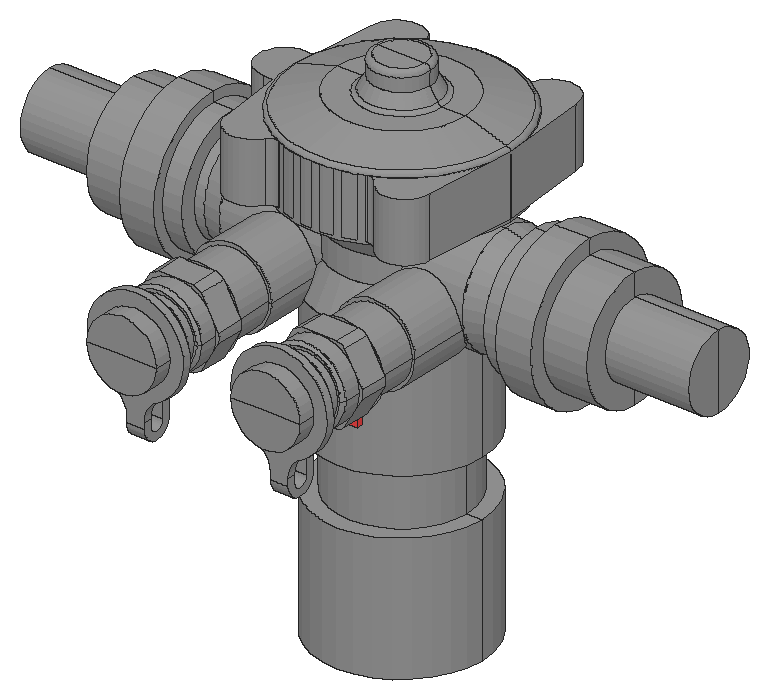
Revit family "Kombiventil 4006_M_SMART_LF_MF", category Rohrzubehör, Revit 2018
Family settings
  Bemaßung runder Anschluss = Durchmesser verwenden
  Teiletyp = Unterbricht
  OmniClass-Nummer = 23.65.55.14
  OmniClass-Titel = Valves for Liquid Services
  Arbeitsebenenbasiert = Nein
  Immer vertikal = Ja
  Beim Laden mit Abzugskörper schneiden = Nein
  Gemeinsam genutzt = Nein
Parameters (values of type "MF")
  min.Betriebstemperatur (reines Wasser) = 2 °C  # constant formula
  min.Betriebstemperatur (Frostschutz) = -20 °C  # constant formula
  max.Betriebstemperatur ab DN40 = 110 °C  # constant formula
  max.Betriebstemperatur bis DN32 = 130 °C  # constant formula
  max.Betriebsdruck = 1600000.0 Pa  # constant formula
  VRL01 = 30.000 mm  # constant formula
  V12 = 17.000 mm  # constant formula
  V10 = 7.000 mm  # constant formula
  V09 [instance] = L06 + 4.000 mm  # 11.000 mm
  V04 [instance] = V08 + 3.000 mm  # 13.000 mm
  V03 [instance] = V08 + 5.000 mm  # 15.000 mm
  V02 [instance] = V01 + 4.500 mm  # 12.000 mm
  V01 [instance] = Nennweite / 2  # 7.500 mm
  URL = "www.herz-armaturen.at"
  Stift = "Edelstahl 14301"  # constant formula
  SCRNSEQ = "ARM;ARM_TYP=\"DURR\";2"
  SCRNCODE = "05;04;02"  # constant formula
  S09 = 10.000 mm  # constant formula
  S08 = 30.000 mm  # constant formula
  S07 [instance] = H03 + 3.700 mm  # 10.051 mm
  S04 [instance] = V03 * 2  # 30.000 mm
  S01 [instance] = L01 + L02 + VRL01 * 2  # 135.000 mm
  R17 [instance] = size_lookup("4006M_S_LF_MF", "R17", 12.500 mm, Nennweite)  # 12.500 mm
  R16 [instance] = size_lookup("4006M_S_LF_MF", "R16", 16.500 mm, Nennweite)  # 16.500 mm
  R15 = 7.225 mm  # constant formula
  R14 = 8.070 mm  # constant formula
  R13 = 3.496 mm  # constant formula
  R12 = 6.800 mm  # constant formula
  R11 = 9.620 mm  # constant formula
  R10 = 6.800 mm  # constant formula
  R09 = 16.292 mm  # constant formula
  R08 = 13.212 mm  # constant formula
  R07 = 18.816 mm  # constant formula
  R06 = 22.000 mm  # constant formula
  R05 = 12.954 mm  # constant formula
  R04 = 7.193 mm  # constant formula
  R03 = 5.755 mm  # constant formula
  R02 = 4.670 mm  # constant formula
  R01 [instance] = size_lookup("4006M_S_LF_MF", "R01", 11.000 mm, Nennweite)  # 11.000 mm
  PN = 16  # constant formula
  O-Ringe = "EPDM"  # constant formula
  V08 [instance] = size_lookup("4006M_S_LF_MF", "N2", 10.000 mm, Nennweite)  # 10.000 mm
  Nennweite/2 [instance] = size_lookup("4006M_S_LF_MF", "N1", 8.000 mm, Nennweite)  # 9.000 mm
  Nennweite [instance] = 15.000 mm
  Membrangehäuse = "Messing CW602N"  # constant formula
  Membrane = "EPDM"  # constant formula
  Medium = "Wasserbeschaffenheit nach ÖNORM H 5195 und VDI 2035.\r\nDie Verwendung von Ethylen- und Propylenglykol ist im Mischungsverhältnis 25 - 50 Vol.- [%] zulässig."
  MF [instance] = yes
  LF [instance] = no
  L15 [instance] = size_lookup("4006M_S_LF_MF", "L15", 3.300 mm, Nennweite)  # 3.300 mm
  L14 [instance] = size_lookup("4006M_S_LF_MF", "L14", 43.477 mm, Nennweite)  # 43.477 mm
  L13 [instance] = size_lookup("4006M_S_LF_MF", "L13", 32.232 mm, Nennweite)  # 32.232 mm
  L12 [instance] = size_lookup("4006M_S_LF_MF", "L12", 6.497 mm, Nennweite)  # 6.497 mm
  L11 [instance] = size_lookup("4006M_S_LF_MF", "L11", 5.418 mm, Nennweite)  # 5.418 mm
  L10 [instance] = size_lookup("4006M_S_LF_MF", "L10", 12.434 mm, Nennweite)  # 12.434 mm
  L09 [instance] = size_lookup("4006M_S_LF_MF", "L09", 24.943 mm, Nennweite)  # 24.943 mm
  L08 [instance] = size_lookup("4006M_S_LF_MF", "L08", 28.260 mm, Nennweite)  # 28.260 mm
  L07 [instance] = size_lookup("4006M_S_LF_MF", "L07", 33.915 mm, Nennweite)  # 33.915 mm
  L06 = 7.000 mm  # constant formula
  L05 = 9.000 mm  # constant formula
  L04 = 21.000 mm  # constant formula
  L03 = 28.000 mm  # constant formula
  L02 = 34.000 mm  # constant formula
  L01 = 41.000 mm  # constant formula
  Impulsleitung = "Kupfer Cu-DHP (CW024A)"  # constant formula
  Hub = 4.000 mm  # constant formula
  Hersteller = "Herz-Armaturen GmbH"  # constant formula
  H04 = 12.000 mm  # constant formula
  H03 = 6.351 mm  # constant formula
  H02 [instance] = size_lookup("4006M_S_LF_MF", "H2", 69.000 mm, Nennweite)  # 69.000 mm
  H01 [instance] = size_lookup("4006M_S_LF_MF", "H1", 35.000 mm, Nennweite)  # 35.000 mm
  H [instance] = 112.553 mm  # constant formula
  Gehäuse = "DZR Messing CC770S"  # constant formula
  E20 = 108.221 mm  # constant formula
  E19 = 5.000 mm  # constant formula
  E18 = 5.150 mm  # constant formula
  E17 = 28.850 mm  # constant formula
  E16 = 23.700 mm  # constant formula
  E15 = 21.877 mm  # constant formula
  E14 = 20.506 mm  # constant formula
  E13 = 11.063 mm  # constant formula
  E12 = 9.001 mm  # constant formula
  E11 = 10.700 mm  # constant formula
  E10 = 20.427 mm  # constant formula
  E09 = 20.075 mm  # constant formula
  E08 = 20.825 mm  # constant formula
  E07 = 5.150 mm  # constant formula
  E06 = 17.921 mm  # constant formula
  E05 = 20.519 mm  # constant formula
  E04 = 19.704 mm  # constant formula
  E03 = 18.385 mm  # constant formula
  E02 = 20.014 mm  # constant formula
  E01 = 23.000 mm  # constant formula
  Druckfeder = "Federstahl"  # constant formula
  Bestellnummer Verschraubung [instance] = if(and(LF, Nennweite = 15.000 mm), 1621011, if(and(MF, Nennweite = 15.000 mm), 1621002, 0))  # 1621002
  Bestellnummer [instance] = if(and(LF, Nennweite = 15.000 mm), 1400620, if(and(MF, Nennweite = 15.000 mm), 1400629, 0))  # 1400629
  Bauschutzkappe = "Kunststoff"  # constant formula
  B09 = 7.998 mm  # constant formula
  B08 = 23.556 mm  # constant formula
  B07 = 30.908 mm  # constant formula
  B06 = 39.471 mm  # constant formula
  B05 = 40.933 mm  # constant formula
  B04 = 41.901 mm  # constant formula
  B03 = 44.372 mm  # constant formula
  B02 = 45.400 mm  # constant formula
  B01 = 50.000 mm  # constant formula
  Anwendungsgebiet = "Das Kombiventil wird in allen pumpenbetriebenen Heiz- und Kühlanlagen eingesetzt. Der Regler begrenzt automatisch\r\nden Volumenstrom im gewählten Anlagenteil auf den einmal eingestellten Wert, indem alle Druckschwankungen\r\ngemessen und ausgeregelt werden. Somit sind keine Messungen erforderlich und die Regelung ist bei allen\r\nBetriebsbedingungen effektiv. Das Kombiventil regelt den Volumenstrom der ventileigenen Voreinstellung auf einen\r\nkonstanten Wert; die Membran regelt aufgrund des Druckes unmittelbar nach dem Regeleinsatz, sowie des Druckes\r\ndavor."
Types (3, lengths in mm): name | MF | LF | Bestellnummer Verschraubung | Bestellnummer
  (no name) | yes | no | 1621002 | 1400629
  LF | no | yes | 1621011 | 1400620
  MF | yes | no | 1621002 | 1400629
Reference planes
  plane 1 "Mitte (Vorne/hinten)": y = 0
  plane 2: z = 0
  plane 3 "Mitte (Links/rechts)": x = 0
Forms (mm)
  Revolve 1, solid, material "Messing, weicher Gelbton, geschweißt", detail levels fine
    sketch origin (0, 0, 0) x (1, 0, 0) y (0, 0, 1)
      loop
        line (-41, 9) -> (-34, 9) -> (-34, 0) -> (27, 0) -> (27, 9) -> (34, 9) -> (34, 10) -> (25, 10) -> (21, 11) -> (-28, 11) -> (-32, 10) -> (-41, 10) -> (-41, 9)
      axis (-41, 0) -> (34, 0)
    angle from 0 to 360
  Revolve 2, solid, material "Messing, weicher Gelbton, geschweißt", detail levels fine
    sketch origin (0, 0, 0) x (1, 0, 0) y (0, 0, 1)
      loop
        line (0, -69) -> (16.292, -69) -> (16.292, -43.477) -> (13.212, -43.477) -> (13.212, -32.232) -> (16.292, -32.232) -> (16.292, -6.497) -> (13.212, 0.106) -> (13.212, 5.418) -> (18.816, 12.434) -> (22, 12.434) -> (22, 24.943)
        arc (22, 24.943) -> (21.752, 25.523) -> (21.223, 25.866) r 1.085
        line (21.223, 25.866) -> (12.954, 28.26) -> (8.134, 28.26)
        arc (8.134, 28.26) -> (7.591, 28.406) -> (7.193, 28.803) r 1.086
        line (7.193, 28.803) -> (5.755, 31.294) -> (5.755, 33.915)
        arc (5.755, 33.915) -> (5.437, 34.682) -> (4.67, 35) r 1.085
        line (4.67, 35) -> (0, 35) -> (0, -69)
      axis (0, 35) -> (0, -69)
    angle from 0 to 360
  Extrusion 3, solid, material "Messing, weicher Gelbton, geschweißt", detail levels fine
    sketch origin (0, 0, 28.917) x (1, 0, 0) y (0, 1, 0)
      loop
        arc (-20.506, 17.921) -> (-21.381, 11.556) -> (-21.877, 5.15) r 108.259
        line (-21.877, 5.15) -> (-23.7, 5.15)
        arc (-23.7, 5.15) -> (-27.342, 3.642) -> (-28.85, 0) r 5.15
        arc (-28.85, 0) -> (-27.342, -3.642) -> (-23.7, -5.15) r 5.15
        line (-23.7, -5.15) -> (-21.877, -5.15)
        arc (-21.877, -5.15) -> (-21.356, -11.79) -> (-20.427, -18.385) r 108.259
        arc (-20.427, -18.385) -> (-16.688, -23.223) -> (-11.063, -20.825) r 5
        arc (-11.063, -20.825) -> (-10.143, -20.146) -> (-9.001, -20.075) r 2.019
        arc (-9.001, -20.075) -> (0, -22.001) -> (9.001, -20.075) r 22.001
        arc (9.001, -20.075) -> (10.143, -20.145) -> (11.063, -20.825) r 2.019
        arc (11.063, -20.825) -> (16.688, -23.223) -> (20.427, -18.385) r 5
        arc (20.427, -18.385) -> (22, 0) -> (20.427, 18.385) r 108.221
        arc (20.427, 18.385) -> (16.253, 23.316) -> (10.7, 20.014) r 5
        arc (10.7, 20.014) -> (9.88, 19.699) -> (9.001, 19.704) r 2.379
        arc (9.001, 19.704) -> (0, 21.663) -> (-9.001, 19.704) r 21.663
        arc (-9.001, 19.704) -> (-10.161, 19.785) -> (-11.063, 20.519) r 1.927
        arc (-11.063, 20.519) -> (-16.774, 22.818) -> (-20.506, 17.921) r 5.079
    from -15.973 to -3.973
  Revolve 4, solid, material "Messing, weicher Gelbton, geschweißt", detail levels fine
    sketch origin (0, 0, -3.3) x (1, 0, 0) y (0, 1, 0)
      loop
        line (-24.57, -7.998) -> (-24.57, -22.322) -> (-16.5, -22.322) -> (-16.5, -7.998) -> (-24.57, -7.998)
      axis (-16.5, -7.998) -> (-16.5, -22.322)
    angle from 0 to 360
  Revolve 5, solid, material "Messing, weicher Gelbton, geschweißt", detail levels fine
    sketch origin (-4, 0, -3.3) x (-1, 0, 0) y (0, -1, 0)
      loop
        line (-24.57, 7.998) -> (-16.5, 7.998) -> (-16.5, 22.322) -> (-24.57, 22.322) -> (-24.57, 7.998)
      axis (-16.5, 22.322) -> (-16.5, 7.998)
    angle from 0 to 360
  Revolve 6, solid, material "Messing, weicher Gelbton, geschweißt"
    sketch origin (0, 0, 0) x (1, 0, 0) y (0, 0, 1)
      loop
        line (34, 0) -> (64, 0) -> (64, 7.5) -> (47, 7.5) -> (47, 12) -> (38, 12) -> (38, 15) -> (31, 15) -> (31, 13) -> (27, 13) -> (27, 10) -> (34, 10) -> (34, 0)
      axis (27, 0) -> (64, 0)
    angle from 0 to 360
  Revolve 7, solid, material "Messing, weicher Gelbton, geschweißt", detail levels fine
    sketch origin (-7, 0, 0) x (-1, 0, 0) y (0, 0, -1)
      loop
        line (34, 0) -> (34, -10) -> (27, -10) -> (27, -13) -> (31, -13) -> (31, -15) -> (38, -15) -> (38, -12) -> (47, -12) -> (47, -7.5) -> (64, -7.5) -> (64, 0) -> (34, 0)
      axis (27, 0) -> (64, 0)
    angle from 0 to 360
Lines and regions (mm)
  model lines, detail levels coarse+medium
    curve 1: line (67.5, -15, 0) -> (67.5, 15, 0)
    curve 2: line (67.5, 15, 0) -> (-67.5, -15, 0)
    curve 3: line (-67.5, -15, 0) -> (-67.5, 15, 0)
    curve 4: line (-67.5, 15, 0) -> (67.5, -15, 0)
    curve 5: line (-67.5, 14.673, 0) -> (0, -12.434, 0)
    curve 6: line (0, -12.434, 0) -> (67.5, 14.673, 0)
    curve 7: line (0, -12.434, 0) -> (0, -24.949, 0)
    curve 8: spline (-22, -29.974, 0) -> (-21.25, -28.674, 0) -> (-19.053, -27.462, 0) -> (-15.556, -26.421, 0) -> (-11, -25.622, 0) -> (-5.694, -25.12, 0) -> (0, -24.949, 0) -> (5.694, -25.12, 0) -> (11, -25.622, 0) -> (15.556, -26.421, 0) -> (19.053, -27.462, 0) -> (21.25, -28.674, 0) -> (22, -29.975, 0) -> (21.25, -31.275, 0) -> (19.053, -32.487, 0) -> (15.556, -33.528, 0) -> (11, -34.327, 0) -> (5.694, -34.829, 0) -> (0, -35, 0) -> (-5.694, -34.829, 0) -> (-11, -34.327, 0) -> (-15.556, -33.528, 0) -> (-19.053, -32.487, 0) -> (-21.25, -31.275, 0) -> (-22, -29.974, 0)
    curve 9: line (-67.5, 0, 15) -> (-67.5, 0, -15)
    curve 10: line (-67.5, 0, -15) -> (67.5, 0, 15)
    curve 11: line (67.5, 0, 15) -> (67.5, 0, -15)
    curve 12: line (67.5, 0, -15) -> (-67.5, 0, 15)
    curve 13: line (67.638, 0, -15.031) -> (0, 0, 12.434)
    curve 14: line (0, 0, 12.434) -> (-67.5, 0, -15)
    curve 15: line (0, 0, 12.434) -> (0, 0, 24.949)
    curve 16: spline (-22, 0, 29.975) -> (-21.25, 0, 31.275) -> (-19.053, 0, 32.487) -> (-15.556, 0, 33.528) -> (-11, 0, 34.327) -> (-5.694, 0, 34.829) -> (0, 0, 35) -> (5.694, 0, 34.829) -> (11, 0, 34.327) -> (15.556, 0, 33.528) -> (19.053, 0, 32.487) -> (21.25, 0, 31.275) -> (22, 0, 29.974) -> (21.25, 0, 28.674) -> (19.053, 0, 27.462) -> (15.556, 0, 26.421) -> (11, 0, 25.622) -> (5.694, 0, 25.12) -> (0, 0, 24.949) -> (-5.694, 0, 25.12) -> (-11, 0, 25.622) -> (-15.556, 0, 26.421) -> (-19.053, 0, 27.462) -> (-21.25, 0, 28.674) -> (-22, 0, 29.975)
  model lines
    curve 17: line (-67.5, 0, 15) -> (-77.5, 0, 15)
    curve 18: line (-77.5, 0, 15) -> (-67.5, 0, 0)
    curve 19: line (-67.5, 0, -15) -> (-77.5, 0, -15)
    curve 20: line (-77.5, 0, -15) -> (-67.5, 0, 0)
    curve 21: line (-67.5, 0, 0) -> (-97.5, 0, 0)
    curve 22: line (67.5, 0, 15) -> (77.5, 0, 15)
    curve 23: line (77.5, 0, 15) -> (67.5, 0, 0)
    curve 24: line (67.5, 0, -15) -> (77.5, 0, -15)
    curve 25: line (77.5, 0, -15) -> (67.5, 0, 0)
    curve 26: line (67.5, 0, 0) -> (97.5, 0, 0)
Dimensions and locks
  "H02": level to Revolve 2 sketch curve
  "L01": plane 3 "Mitte (Links/rechts)" to Revolve 1 sketch curve
  "V08": Revolve 1 sketch curve to Revolve 1 sketch curve  (x2)
  "Nennweite/2": Revolve 1 sketch curve to Revolve 1 sketch curve  (x2)
  "E01": plane 1 "Mitte (Vorne/hinten)" to Extrusion 3 sketch curve
  "L03": plane 3 "Mitte (Links/rechts)" to Revolve 1 sketch curve
  "L04": Revolve 1 sketch curve to plane 3 "Mitte (Links/rechts)"
  "L05": Revolve 1 sketch curve to Revolve 1 sketch curve  (x2)
  "L06": Revolve 1 sketch curve to Revolve 1 sketch curve  (x2)
  "L02": Revolve 1 sketch curve to plane 3 "Mitte (Links/rechts)"
  "H01": Revolve 2 sketch curve to level
  "R02": Revolve 2 sketch curve to Revolve 2 sketch curve
  "R03": Revolve 2 sketch curve to Revolve 2 sketch curve
  "R04": Revolve 2 sketch curve to Revolve 2 sketch curve
  "R05": Revolve 2 sketch curve to Revolve 2 sketch curve
  "R06": Revolve 2 sketch curve to Revolve 2 sketch curve
  "R07": Revolve 2 sketch curve to Revolve 2 sketch curve
  "R08": Revolve 2 sketch curve to Revolve 2 sketch curve  (x2)
  "R09": Revolve 2 sketch curve to Revolve 2 sketch curve  (x2)
  "L07": Revolve 2 sketch curve to plane 2
  "L08": Revolve 2 sketch curve to plane 2
  "L09": Revolve 2 sketch curve to plane 2
  "L10": Revolve 2 sketch curve to plane 2
  "L11": Revolve 2 sketch curve to plane 2
  "L12": plane 2 to Revolve 2 sketch curve
  "L13": plane 2 to Revolve 2 sketch curve
  "L14": plane 2 to Revolve 2 sketch curve
  "B09": Revolve 4 sketch curve to plane 1 "Mitte (Vorne/hinten)"
  "R14": Revolve 4 sketch curve to Revolve 4 sketch curve
  "R14": Revolve 5 sketch curve to Revolve 5 sketch curve
  "B09": plane 1 "Mitte (Vorne/hinten)" to Revolve 5 sketch curve
  "R17": plane 3 "Mitte (Links/rechts)" to Revolve 5 sketch curve
  "E02": plane 1 "Mitte (Vorne/hinten)" to Extrusion 3 sketch curve
  "E03": plane 1 "Mitte (Vorne/hinten)" to Extrusion 3 sketch curve
  "E04": plane 1 "Mitte (Vorne/hinten)" to Extrusion 3 sketch curve  (x2)
  "E05": plane 1 "Mitte (Vorne/hinten)" to Extrusion 3 sketch curve
  "E06": plane 1 "Mitte (Vorne/hinten)" to Extrusion 3 sketch curve
  "E07": plane 1 "Mitte (Vorne/hinten)" to Extrusion 3 sketch curve  (x2)
  "E03": Extrusion 3 sketch curve to plane 1 "Mitte (Vorne/hinten)"  (x2)
  "E08": Extrusion 3 sketch curve to plane 1 "Mitte (Vorne/hinten)"  (x2)
  "E09": Extrusion 3 sketch curve to plane 1 "Mitte (Vorne/hinten)"  (x2)
  "E07": Extrusion 3 sketch curve to plane 1 "Mitte (Vorne/hinten)"
  "E10": plane 3 "Mitte (Links/rechts)" to Extrusion 3 sketch curve  (x2)
  "E11": plane 3 "Mitte (Links/rechts)" to Extrusion 3 sketch curve
  "E12": plane 3 "Mitte (Links/rechts)" to Extrusion 3 sketch curve  (x2)
  "E12": Extrusion 3 sketch curve to plane 3 "Mitte (Links/rechts)"  (x2)
  "E13": Extrusion 3 sketch curve to plane 3 "Mitte (Links/rechts)"  (x2)
  "E14": Extrusion 3 sketch curve to plane 3 "Mitte (Links/rechts)"
  "E15": Extrusion 3 sketch curve to plane 3 "Mitte (Links/rechts)"  (x2)
  "E16": Extrusion 3 sketch curve to plane 3 "Mitte (Links/rechts)"  (x2)
  "E17": Extrusion 3 sketch curve to plane 3 "Mitte (Links/rechts)"
  "E10": Extrusion 3 sketch curve to plane 3 "Mitte (Links/rechts)"
  "E13": plane 3 "Mitte (Links/rechts)" to Extrusion 3 sketch curve
  "H03": Revolve 2 to Extrusion 3
  "H04": Extrusion 3 to Extrusion 3
  "R01": Revolve 1 sketch curve to Revolve 1 sketch curve
  "L06": Revolve 6 sketch curve to Revolve 6 sketch curve
  "V09": Revolve 6 sketch curve to Revolve 6 sketch curve
  "V10": Revolve 6 sketch curve to Revolve 6 sketch curve
  "V12": Revolve 6 sketch curve to Revolve 6 sketch curve
  "V01": Revolve 6 sketch curve to plane 2
  "V02": Revolve 6 sketch curve to plane 2
  "V08": Revolve 6 sketch curve to plane 2
  "V04": Revolve 6 sketch curve to plane 2
  "V03": Revolve 6 sketch curve to plane 2
  "L02": Revolve 6 sketch curve to plane 3 "Mitte (Links/rechts)"
  "L06": Revolve 7 sketch curve to Revolve 7 sketch curve
  "V09": Revolve 7 sketch curve to Revolve 7 sketch curve
  "V10": Revolve 7 sketch curve to Revolve 7 sketch curve
  "V12": Revolve 7 sketch curve to Revolve 7 sketch curve
  "V01": Revolve 7 sketch curve to plane 2
  "V02": Revolve 7 sketch curve to plane 2
  "V03": Revolve 7 sketch curve to plane 2
  "V04": Revolve 7 sketch curve to plane 2
  "V08": Revolve 7 sketch curve to plane 2
  "L01": plane 3 "Mitte (Links/rechts)" to Revolve 7 sketch curve
  "S04": curve 3 to curve 4
  "S04": curve 4 to curve 2
  "S01": curve 3 to curve 1
  equal spacing: curve 3, plane 3 "Mitte (Links/rechts)", curve 1
  equal spacing: curve 3, plane 1 "Mitte (Vorne/hinten)", curve 4
  equal spacing: curve 4, plane 1 "Mitte (Vorne/hinten)", curve 2
  "R06": curve 8 to plane 3 "Mitte (Links/rechts)" to curve 8
  "S07": curve 8 to curve 8
  "H01": curve 8 to plane 1 "Mitte (Vorne/hinten)"
  "L10": curve 7 to plane 1 "Mitte (Vorne/hinten)"
  "S01": curve 9 to curve 11
  "R06": curve 16 to plane 3 "Mitte (Links/rechts)" to curve 16
  "S07": curve 16 to curve 16
  "H01": curve 16 to plane 2
  "L10": curve 15 to plane 2
  equal spacing: curve 9, plane 3 "Mitte (Links/rechts)", curve 11
  "S04": curve 12 to curve 10
  "S04": curve 11 to curve 12
  equal spacing: curve 12, plane 2, curve 14
  equal spacing: curve 11, plane 2, curve 12
  "VRL01": Revolve 7 sketch curve to Revolve 7 sketch curve
  "VRL01": Revolve 6 sketch curve to Revolve 6 sketch curve
  "S09": curve 18 to curve 9
  "S08": curve 21 to curve 9
  "S09": curve 20 to curve 9
  "S09": curve 11 to curve 23
  "S09": curve 11 to curve 25
  "V03": curve 17 to plane 2
  "V03": plane 2 to curve 19
  "S08": curve 11 to curve 26
  "V03": curve 22 to plane 2
  "V03": plane 2 to curve 24
  "R16": Revolve 4 sketch curve to plane 3 "Mitte (Links/rechts)"
  "L15": plane 2 to nested 2
  "L15": plane 2 to nested 3
  "L15": plane 2 to Revolve 4
  "L15": plane 2 to Revolve 5
  "E18": radius of Extrusion 3 sketch curve  (x2)
  "E19": radius of Extrusion 3 sketch curve  (x3)
  "E20": radius of Extrusion 3 sketch curve
  aligned and locked: level to plane 2
Automatic sketch dimensions
  curve 18 to level = 0.000 mm
  curve 26 to level = 0.000 mm
  curve 17 to curve 18 = 10.000 mm
  curve 26 to curve 22 = 10.000 mm
  curve 17 to curve 17 = 10.000 mm
  curve 19 to curve 19 = 10.000 mm
  curve 22 to curve 22 = 10.000 mm
  curve 24 to curve 24 = 10.000 mm
  curve 6 to plane 3 "Mitte (Links/rechts)" = 0.000 mm
  curve 6 to curve 1 = 0.327 mm
  curve 5 to curve 3 = 0.327 mm
  Revolve 1 sketch curve to level = 0.000 mm  (x2)
  Revolve 1 sketch curve to Revolve 1 sketch curve = 1307.458 mm
  Revolve 1 sketch curve to Revolve 1 sketch curve = 1854.450 mm
  Revolve 2 sketch curve to plane 3 "Mitte (Links/rechts)" = 0.000 mm  (x2)
  Revolve 2 sketch curve to Revolve 2 sketch curve = 0.941 mm
  Revolve 2 sketch curve to Revolve 2 sketch curve = 1.078 mm
  Revolve 2 sketch curve to Revolve 2 sketch curve = 0.302 mm
  level to Revolve 2 sketch curve = 0.106 mm
  Revolve 2 sketch curve to Revolve 2 sketch curve = 0.119 mm
  Revolve 2 sketch curve to Revolve 2 sketch curve = 0.543 mm
  Revolve 2 sketch curve to Revolve 2 sketch curve = 2.621 mm
  Revolve 2 sketch curve to Revolve 2 sketch curve = 297.045 mm
  Revolve 2 sketch curve to Revolve 2 sketch curve = 2179.315 mm
  Extrusion 3 sketch curve to Extrusion 3 sketch curve = 0.000 mm  (x4)
  plane 1 "Mitte (Vorne/hinten)" to Extrusion 3 sketch curve = 0.000 mm
  Extrusion 3 sketch curve to Extrusion 3 sketch curve = 1.610 mm  (x2)
  Extrusion 3 sketch curve to Extrusion 3 sketch curve = 0.451 mm
  Extrusion 3 sketch curve to Extrusion 3 sketch curve = 0.452 mm
  Revolve 4 sketch curve to Revolve 4 sketch curve = 14.324 mm
  Revolve 4 sketch curve to Revolve 4 sketch curve = 0.000 mm  (x2)
  Revolve 4 sketch curve to Revolve 4 sketch curve = 27.678 mm
  Revolve 5 sketch curve to Revolve 5 sketch curve = 14.324 mm
  plane 3 "Mitte (Links/rechts)" to Revolve 5 sketch curve = 12.500 mm
  Revolve 5 sketch curve to Revolve 5 sketch curve = 0.000 mm
  Revolve 5 sketch curve to Revolve 5 sketch curve = 27.678 mm
  Revolve 6 sketch curve to level = 0.000 mm  (x2)
  Revolve 6 sketch curve to Revolve 6 sketch curve = 0.000 mm  (x2)
  Revolve 7 sketch curve to level = 0.000 mm  (x2)
  Revolve 7 sketch curve to Revolve 7 sketch curve = 0.000 mm  (x2)
  curve 14 to plane 3 "Mitte (Links/rechts)" = 0.000 mm
  curve 9 to level = 15.000 mm
  curve 13 to level = 15.031 mm
Nested families
  nested 1: "Herz-Logo-vorne" at (0, -16.056, -19.148) x (0, 1, 0) z (0, 0, 1), type "Herz-Logo-vorne"
  nested 2: "Messstutzen_Band_Eintritt" at (-16.5, -13.322, -3.3), type "Messstutzen_Band_Eintritt"
    with Schutzkappe yes, Nennweite 0.000 mm, Gewicht 0.00 kg, Bestellnummer 0
  nested 3: "Messstutzen_Band_Austritt" at (12.5, -13.322, -3.3), type "Messstutzen_Band_Austritt"
    with Schutzkappe yes, Nennweite 0.000 mm, Gewicht 0.00 kg, Bestellnummer 0
Connectors
  piping at (64, 0, 0), diameter 15, driven by "Nennweite"
    settings: on Revolve 6, index 1, connector inside diameter 609.6 mm, connector length 0.000 mm, flow factor 0, pipe flow 0.0 L/s, pressure drop 0.0 Pa, fitting loss kfactor 0, connector angle 0.00°, fixture units 0, engagement length 0.000 mm, angle of deflection 0.00°, flow configuration 0, flow direction 2, fitting loss method 0, system type 29, joint type 0, gender type 0, connector reference index -1, connector utility 0, adjustable connector no, is connector primary yes, connector description ""
  piping at (-71, 0, 0), diameter 15, driven by "Nennweite"
    settings: on Revolve 7, index 2, connector inside diameter 609.6 mm, connector length 0.000 mm, flow factor 0, pipe flow 0.0 L/s, pressure drop 0.0 Pa, fitting loss kfactor 0, connector angle 0.00°, fixture units 0, engagement length 0.000 mm, angle of deflection 0.00°, flow configuration 0, flow direction 1, fitting loss method 0, system type 29, joint type 0, gender type 0, connector reference index -1, connector utility 0, adjustable connector no, is connector primary no, connector description ""
Definition of nested family "Herz-Logo-vorne"
  Reference planes
    plane 1 "Mitte (Vorne/hinten)": y = 0
    plane 2: z = 0
    plane 3 "Mitte (Links/rechts)": x = 0
  Forms (mm)
    Extrusion 1, solid
      sketch origin (0.732, -0.018, 0.017) x (0, -1, 0) y (0, 0, 1)
        loop
          line (-0.018, -4.517) -> (4.482, -4.517) -> (4.482, 4.483) -> (-4.518, 4.483) -> (-4.518, -4.517) -> (-0.018, -4.517)
        loop
          line (-0.05, -3.48) -> (3.482, -3.48) -> (3.482, 3.483) -> (-3.518, 3.483) -> (-3.518, -3.48) -> (-0.05, -3.48)
        loop
          arc (-0.018, 2.383) -> (-1.543, 3.287) -> (-3.067, 2.383) r 1.738
          arc (-3.067, 2.383) -> (-3.191, 1.899) -> (-3.067, 1.415) r 1.009
          line (-3.067, 1.415) -> (-0.018, -3.281) -> (3.032, 1.415)
          arc (3.032, 1.415) -> (3.156, 1.899) -> (3.032, 2.383) r 1.009
          arc (3.032, 2.383) -> (1.507, 3.287) -> (-0.018, 2.383) r 1.738
        loop
          arc (1.885, 1.272) -> (2.005, 1.675) -> (1.885, 2.079) r 0.74
          arc (1.885, 2.079) -> (1.265, 2.416) -> (0.644, 2.079) r 0.74
          line (0.644, 2.079) -> (-0.018, 0.97) -> (-0.679, 2.079)
          arc (-0.679, 2.079) -> (-1.3, 2.416) -> (-1.921, 2.079) r 0.74
          arc (-1.921, 2.079) -> (-2.04, 1.675) -> (-1.921, 1.272) r 0.74
          line (-1.921, 1.272) -> (-0.018, -1.658) -> (1.885, 1.272)
      from 0 to 1.5
  Dimensions and locks
    aligned and locked: level to plane 2
Definition of nested family "Messstutzen_Band_Eintritt"
  Parameters (values of type "Messstutzen_Band_Eintritt")
    URL = "www.herz-armaturen.at"
    Schutzkappe [instance] = yes
    Nennweite [instance] = 0.000 mm
    Manufacturer = "Herz Armaturen GmbH"  # constant formula
    Gewicht [instance] = 0.00 kg
    Bestellnummer [instance] = 0
  Reference planes
    plane 1 "Mitte (Vorne/hinten)": y = 0
    plane 2: z = 0
    plane 3 "Mitte (Links/rechts)": x = 0
    plane 4 "Schlaufe 1": y = -27
    plane 5 "Schlaufe 2": y = -31.678
  Forms (mm)
    Revolve 1, solid, detail levels fine
      sketch origin (0, 0, 0) x (1, 0, 0) y (0, 1, 0)
        loop
          line (-7.4, -9) -> (-7.4, -16.5)
          arc (-7.4, -16.5) -> (-7.693, -17.207) -> (-8.4, -17.5) r 1
          line (-8.4, -17.5) -> (-2, -17.5) -> (-2, 0) -> (-5.555, 0) -> (-6.455, -0.9) -> (-6.455, -4.681) -> (-5.843, -5.293)
          arc (-5.843, -5.293) -> (-5.626, -5.617) -> (-5.55, -6) r 1
          line (-5.55, -6) -> (-5.55, -9) -> (-7.4, -9)
        loop
          line (-3.7, -27) -> (-3.7, -30.45) -> (-4.415, -30.863) -> (-4.415, -35.19) -> (-3.805, -35.8) -> (-2, -35.8) -> (-2, -23) -> (-7.9, -23) -> (-7.9, -26.4) -> (-7.3, -27) -> (-3.7, -27)
        axis (0, 0) -> (0, -35.8)
      angle from 0 to 360
    Extrusion 2, solid, detail levels fine
      sketch origin (0, -17.5, 0) x (-1, 0, 0) y (0, 0, -1)
        loop
          line (5.156, -7.07) -> (8.7, -0.93)
          arc (8.7, -0.93) -> (8.75, 0) -> (8.7, 0.93) r 8.75
          line (8.7, 0.93) -> (5.156, 7.07)
          arc (5.156, 7.07) -> (4.375, 7.578) -> (3.544, 8) r 8.75
          line (3.544, 8) -> (-3.544, 8)
          arc (-3.544, 8) -> (-4.375, 7.578) -> (-5.156, 7.07) r 8.75
          line (-5.156, 7.07) -> (-8.7, 0.93)
          arc (-8.7, 0.93) -> (-8.75, 0) -> (-8.7, -0.93) r 8.75
          line (-8.7, -0.93) -> (-5.156, -7.07)
          arc (-5.156, -7.07) -> (-4.375, -7.578) -> (-3.544, -8) r 8.75
          line (-3.544, -8) -> (3.544, -8)
          arc (3.544, -8) -> (4.375, -7.578) -> (5.156, -7.07) r 8.75
      from 0 to 5.5
    Revolve 3, solid, visible <- "Schutzkappe", detail levels fine
      sketch origin (0, 0, 0) x (1, 0, 0) y (0, 1, 0)
        loop
          line (0, -35.878) -> (-3.805, -35.878) -> (-4.415, -35.268) -> (-4.415, -30.178) -> (-6.9, -30.178) -> (-6.9, -31.678) -> (-6.1, -31.678) -> (-6.1, -33.378) -> (-7, -33.378) -> (-7, -36.678) -> (0, -36.678) -> (0, -35.878)
        axis (0, -30.178) -> (0, -36.678)
      angle from 0 to 360
    Extrusion 4, solid
      sketch origin (0, -27, 0) x (0, 0, -1) y (-1, 0, 0)
        loop
          circle (0, 0) r 3.7
        loop
          arc (5.505, 3.906) -> (-6.75, 0) -> (5.505, -3.906) r 6.75
          arc (5.505, -3.906) -> (7.288, -2.358) -> (9.582, -1.8) r 5
          line (9.582, -1.8) -> (9.582, 1.8)
          arc (9.582, 1.8) -> (7.288, 2.358) -> (5.505, 3.906) r 5
      from 0 to -1.5
    Extrusion 5, solid
      sketch origin (0, -31.678, 0) x (0, 0, -1) y (-1, 0, 0)
        loop
          circle (0, 0) r 6.1
        loop
          arc (8.652, 4.495) -> (-9.75, 0) -> (8.652, -4.495) r 9.75
          arc (8.652, -4.495) -> (10.493, -2.527) -> (13.089, -1.8) r 5
          line (13.089, -1.8) -> (13.089, 1.8)
          arc (13.089, 1.8) -> (10.493, 2.527) -> (8.652, 4.495) r 5
      from 0 to -1.5
    Sweep 6, solid
      path origin (0, 0, 0) x (0, 1, 0) y (0, 0, 1)
        loop
          line (-27.75, -9.582) -> (-27.75, -14.522)
          arc (-27.75, -14.522) -> (-30.089, -16.862) -> (-32.428, -14.522) r 2.339
          line (-32.428, -14.522) -> (-32.428, -13.089)
      profile origin (0, -27.75, -12.052) x (1, 0, 0) y (0, 1, 0)
        loop
          line (-1.8, 0.75) -> (-1.8, -0.75) -> (1.8, -0.75) -> (1.8, 0.75) -> (-1.8, 0.75)
  Cuts and joins
    joined: Extrusion 4, Extrusion 5, Sweep 6
  Dimensions and locks
    aligned and locked: level to plane 2
Definition of nested family "Messstutzen_Band_Austritt"
  Parameters (values of type "Messstutzen_Band_Austritt")
    URL = "www.herz-armaturen.at"
    Schutzkappe [instance] = yes
    Nennweite [instance] = 0.000 mm
    Manufacturer = "Herz Armaturen GmbH"  # constant formula
    Gewicht [instance] = 0.00 kg
    Bestellnummer [instance] = 0
  Reference planes
    plane 1 "Mitte (Vorne/hinten)": y = 0
    plane 2: z = 0
    plane 3 "Mitte (Links/rechts)": x = 0
    plane 4 "Schlaufe 1": y = -27
    plane 5 "Schlaufe 2": y = -31.678
  Forms (mm)
    Revolve 1, solid, detail levels fine
      sketch origin (0, 0, 0) x (1, 0, 0) y (0, 1, 0)
        loop
          line (-7.4, -9) -> (-7.4, -16.5)
          arc (-7.4, -16.5) -> (-7.693, -17.207) -> (-8.4, -17.5) r 1
          line (-8.4, -17.5) -> (-2, -17.5) -> (-2, 0) -> (-5.555, 0) -> (-6.455, -0.9) -> (-6.455, -4.681) -> (-5.843, -5.293)
          arc (-5.843, -5.293) -> (-5.626, -5.617) -> (-5.55, -6) r 1
          line (-5.55, -6) -> (-5.55, -9) -> (-7.4, -9)
        loop
          line (-3.7, -27) -> (-3.7, -30.45) -> (-4.415, -30.863) -> (-4.415, -35.19) -> (-3.805, -35.8) -> (-2, -35.8) -> (-2, -23) -> (-7.9, -23) -> (-7.9, -26.4) -> (-7.3, -27) -> (-3.7, -27)
        axis (0, 0) -> (0, -35.8)
      angle from 0 to 360
    Extrusion 2, solid, detail levels fine
      sketch origin (0, -17.5, 0) x (-1, 0, 0) y (0, 0, -1)
        loop
          line (5.156, -7.07) -> (8.7, -0.93)
          arc (8.7, -0.93) -> (8.75, 0) -> (8.7, 0.93) r 8.75
          line (8.7, 0.93) -> (5.156, 7.07)
          arc (5.156, 7.07) -> (4.375, 7.578) -> (3.544, 8) r 8.75
          line (3.544, 8) -> (-3.544, 8)
          arc (-3.544, 8) -> (-4.375, 7.578) -> (-5.156, 7.07) r 8.75
          line (-5.156, 7.07) -> (-8.7, 0.93)
          arc (-8.7, 0.93) -> (-8.75, 0) -> (-8.7, -0.93) r 8.75
          line (-8.7, -0.93) -> (-5.156, -7.07)
          arc (-5.156, -7.07) -> (-4.375, -7.578) -> (-3.544, -8) r 8.75
          line (-3.544, -8) -> (3.544, -8)
          arc (3.544, -8) -> (4.375, -7.578) -> (5.156, -7.07) r 8.75
      from 0 to 5.5
    Revolve 3, solid, visible <- "Schutzkappe", detail levels fine
      sketch origin (0, 0, 0) x (1, 0, 0) y (0, 1, 0)
        loop
          line (0, -35.878) -> (-3.805, -35.878) -> (-4.415, -35.268) -> (-4.415, -30.178) -> (-6.9, -30.178) -> (-6.9, -31.678) -> (-6.1, -31.678) -> (-6.1, -33.378) -> (-7, -33.378) -> (-7, -36.678) -> (0, -36.678) -> (0, -35.878)
        axis (0, -30.178) -> (0, -36.678)
      angle from 0 to 360
    Extrusion 4, solid
      sketch origin (0, -27, 0) x (0, 0, -1) y (-1, 0, 0)
        loop
          circle (0, 0) r 3.7
        loop
          arc (5.505, 3.906) -> (-6.75, 0) -> (5.505, -3.906) r 6.75
          arc (5.505, -3.906) -> (7.288, -2.358) -> (9.582, -1.8) r 5
          line (9.582, -1.8) -> (9.582, 1.8)
          arc (9.582, 1.8) -> (7.288, 2.358) -> (5.505, 3.906) r 5
      from 0 to -1.5
    Extrusion 5, solid
      sketch origin (0, -31.678, 0) x (0, 0, -1) y (-1, 0, 0)
        loop
          circle (0, 0) r 6.1
        loop
          arc (8.652, 4.495) -> (-9.75, 0) -> (8.652, -4.495) r 9.75
          arc (8.652, -4.495) -> (10.493, -2.527) -> (13.089, -1.8) r 5
          line (13.089, -1.8) -> (13.089, 1.8)
          arc (13.089, 1.8) -> (10.493, 2.527) -> (8.652, 4.495) r 5
      from 0 to -1.5
    Sweep 6, solid
      path origin (0, 0, 0) x (0, 1, 0) y (0, 0, 1)
        loop
          line (-27.75, -9.582) -> (-27.75, -14.522)
          arc (-27.75, -14.522) -> (-30.089, -16.862) -> (-32.428, -14.522) r 2.339
          line (-32.428, -14.522) -> (-32.428, -13.089)
      profile origin (0, -27.75, -12.052) x (1, 0, 0) y (0, 1, 0)
        loop
          line (-1.8, 0.75) -> (-1.8, -0.75) -> (1.8, -0.75) -> (1.8, 0.75) -> (-1.8, 0.75)
  Cuts and joins
    joined: Extrusion 4, Extrusion 5, Sweep 6
  Dimensions and locks
    aligned and locked: level to plane 2
